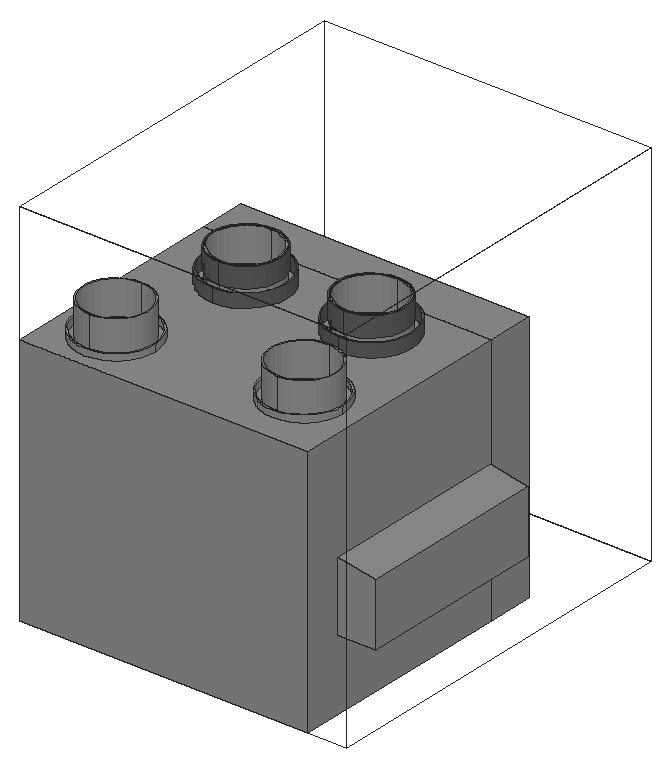
Revit family "Broan®_AI_Series™-Heat_Recovery_High_CFM_Ventilator_(HRV)-Top_Port", category Mechanical Equipment, Revit 2020
Family settings
  Round Connector Dimension = Use Diameter
  Classification = None
  Part Type = Normal
  Work Plane-Based = Yes
  Always vertical = No
  Cut with Voids When Loaded = No
  Shared = No
  Room Calculation Point = No
Parameters (values of type "Broan®_AI_Series™-210_CFM-Heat_Recovery_Ventilator_(HRV)-Top_Port-78%_eff")
  c Width MC = Width - c Width  # 2.93"
  c Vent Height = (Height - c Height)  # 2.56"
  c Top Clearance = 9.00"  # constant formula
  c Right Clrearance = 0.00"  # constant formula
  c Offset vent side = (Length - 1.00") / 4  # 5.00"
  c MC width = 14.50"  # constant formula
  c Left Clearance = 0.00"  # constant formula
  c Height = 19.13"  # constant formula
  c Gen Diameter = 6.00"  # constant formula
  c Front Clearance = 8.00"  # constant formula
  c Constraints = 2
  c Back Clearance = 0.00"  # constant formula
  Width = 24.81"  # constant formula
  Voltage = 120 V
  Version = ""
  URL = "https://www.broan-nutone.com/"
  Support Phone = "(224) 699-9545"  # constant formula
  Support Email = "mailto:support@anguleris.com"
  Supply Air Connection Diameter = c Gen Diameter  # 6"
  Return Air Connection Diameter = c Gen Diameter  # 6"
  Requirements and Standards = "UL 1812\r\nCSA C439\r\nROHS 2015/863\r\nProp 65"
  Product Page URL = "https://www.broan-nutone.com/en-us/product/freshairsystems/b230h75rt"
  Product Name = "Broan® AI Series™ 230 CFM Heat Recovery Ventilator (HRV)"
  Product Documentation Link = "https://www.broan-nutone.com/getmedia/08e8ab9d-1799-40af-b3c6-794ee44ca813/Spec_Sheet_B230H75RT_En.pdf?ext=.pdf"
  Power Factor = 0
  Phase = 1
  Operating Weight = 47.00 lbf  # constant formula
  Number of Poles = 1
  Noise = 163
  Model = "B230H75RT"
  Manufacturer Phone Number = "800-558-1711"  # constant formula
  Manufacturer Contact Information = "mailto:info@broan-nutone.com"
  Manufacturer Address = "926 W State St, Hartford, WI 53027"  # constant formula
  Manufacturer = "Broan"  # constant formula
  Length = 21.00"  # constant formula
  Height = 21.69"  # constant formula
  Frequency = 60 Hz
  Fan Wattage = 73.2 W
  Exhaust Air Connection Diameter = c Gen Diameter  # 6"
  Default Elevation = 0.00"
  Copyright = "Copyright © 2021 Broan-NuTone, LLC. All Rights Reserved"  # constant formula
  c Width = 21.88"  # constant formula
  Clearance [instance] = yes
  Air Volume = if(c Constraints = 1, 180 CFM, if(c Constraints = 2, 210 CFM, 180 CFM))  # 210 CFM
Types (2): name | c Constraints | Product Page URL | Product Name | Product Documentation Link | Noise | Model | Fan Wattage | Air Volume
  Broan®_AI_Series™-180_CFM-Heat_Recovery_Ventilator_(HRV)-Top_Port-78%_eff | 1 | "https://www.broan-nutone.com/en-us/product/freshairsystems/b180h75rt" | "Broan® AI Series™ 180 CFM Heat Recovery Ventilator (HRV)" | "https://www.broan-nutone.com/getmedia/9e317b10-9243-4ef3-9599-2807fe9edebd/Spec_Sheet_B180H75RT_En.pdf?ext=.pdf" | 110 | "B180H75RT" | 70 W | 180 CFM
  Broan®_AI_Series™-210_CFM-Heat_Recovery_Ventilator_(HRV)-Top_Port-78%_eff | 2 | "https://www.broan-nutone.com/en-us/product/freshairsystems/b230h75rt" | "Broan® AI Series™ 230 CFM Heat Recovery Ventilator (HRV)" | "https://www.broan-nutone.com/getmedia/08e8ab9d-1799-40af-b3c6-794ee44ca813/Spec_Sheet_B230H75RT_En.pdf?ext=.pdf" | 163 | "B230H75RT" | 73.2 W | 210 CFM
Reference planes (in)
  plane 1 "Center (Front/Back)": y = 0
  plane 2: z = 0
  plane 3 "Center (Left/Right)": x = 0
  plane 4: y = 11
  plane 5: x = 12.405
  plane 6: y = -10
  plane 7: x = -12.405
  plane 8: z = 21.69
  plane 9: y = 7.5
  plane 10: x = 9.475
  plane 11: y = 19
  plane 12: x = 12.405
  plane 13: y = -10
  plane 14: x = -12.405
  plane 15: y = 3.75
  plane 16: y = -5
  plane 17: z = 5.5
  plane 18: z = 28.13
  plane 19: z = 19.13
  plane 20: x = -8.2175
  plane 21: x = 5.165
  plane 22: x = 3.305
  plane 23: x = -6.23833
  plane 24: y = -6.125
Forms (in)
  Extrusion 1, solid, material "Metal - Broan NuTone - Gray"
    sketch origin (0, 0, 0) x (1, 0, 0) y (0, 1, 0)
      loop
        line (9.475, 7.5) -> (-12.405, 7.5) -> (-12.405, -10) -> (9.475, -10) -> (9.475, 7.5)
    from 0 to 19.13
  Extrusion 2, solid, material "Clearances - Broan NuTone", visible <- "Clearance"
    sketch origin (0, 0, 0) x (1, 0, 0) y (0, 1, 0)
      loop
        line (-12.405, 19) -> (-12.405, -10) -> (12.405, -10) -> (12.405, 19) -> (-12.405, 19)
    from 0 to 28.13
  Extrusion 3, solid, material "Metal - Broan NuTone - Gray"
    sketch origin (0, 0, 0) x (1, 0, 0) y (0, 1, 0)
      loop
        line (9.475, 11) -> (-12.405, 11) -> (-12.405, 7.5) -> (9.475, 7.5) -> (9.475, 11)
    from 0 to 19.13
Dimensions and locks (in)
  equal spacing: plane 7, plane 3 "Center (Left/Right)", plane 5
  "Height": plane 8 to level
  "Width": plane 7 to plane 5
  "Length": plane 6 to plane 4
  plane 4 to plane 9 = 3.50"
  "c Back Clearance": plane 13 to plane 6
  "c Left Clearance": plane 14 to plane 7
  "c Right Clrearance": plane 5 to plane 12
  "c Front Clearance": plane 11 to plane 4
  plane 3 "Center (Left/Right)" to plane 10 = 9.475"
  equal spacing: plane 9, plane 15, plane 1 "Center (Front/Back)"
  equal spacing: plane 1 "Center (Front/Back)", plane 16, plane 6
  plane 17 to level = 5.50"
  "c Top Clearance": plane 18 to plane 19
  "c Height": plane 19 to level
  "c Width": plane 7 to plane 10
  locked: plane 21 to plane 10 at 4.31
  locked: plane 22 to plane 10 at 6.17
  locked: plane 14 to plane 20 at 4.1875
  locked: plane 14 to plane 23 at 6.16667
  locked: plane 6 to plane 15 at 13.75
  locked: plane 24 to plane 13 at 3.875
  aligned and locked: plane 2 to level
  aligned and locked: plane 9 to Extrusion 1 sketch curve
  aligned and locked: plane 10 to Extrusion 1 sketch curve
  aligned and locked: plane 6 to Extrusion 1 sketch curve
  aligned and locked: nested 1 to plane 10
  aligned and locked: nested 1 to plane 17
  aligned and locked: plane 1 "Center (Front/Back)" to nested 1
  aligned and locked: Extrusion 2 sketch curve to plane 12
  aligned and locked: plane 13 to Extrusion 2 sketch curve
  aligned and locked: plane 14 to Extrusion 2 sketch curve
  aligned and locked: Extrusion 2 sketch curve to plane 11
  aligned and locked: plane 18 to Extrusion 2
  aligned and locked: plane 19 to Extrusion 1
  aligned and locked: Extrusion 1 to plane 7
  aligned and locked: plane 20 to nested 2
  aligned and locked: plane 21 to nested 3
  aligned and locked: nested 4 to plane 15
  aligned and locked: nested 5 to plane 15
  aligned and locked: plane 16 to nested 3
  aligned and locked: Extrusion 3 sketch curve to plane 7
  aligned and locked: plane 10 to Extrusion 3 sketch curve
  aligned and locked: Extrusion 3 sketch curve to plane 9
  aligned and locked: plane 4 to Extrusion 3 sketch curve
  aligned and locked: plane 19 to Extrusion 3
  aligned and locked: plane 22 to nested 5
  aligned and locked: plane 23 to nested 4
  aligned and locked: plane 24 to nested 2
Automatic sketch dimensions
  plane 7 to Extrusion 1 sketch curve = 0.00"
Nested families (in)
  nested 1: "MC" at (9.475, 7.25, 5.5) x (0, -1, 0) z (0, 0, 1), Width <- "c MC width", type "MC"
    with Width 14.50", Offset 0.5274", Height 5.274", Depth 2.93"
  nested 2: "Vent" at (-8.2175, -6.125, 19.13), type "Vent"
    with S Border yes, Border visibility no, Upper Border Height 1.536", Height 2.56", Border Height 1.024"
  nested 3: "Vent" at (5.165, -5, 19.13), type "Vent"
    with S Border yes, Border visibility no, Upper Border Height 1.536", Height 2.56", Border Height 1.024"
  nested 4: "Vent" at (-6.23833, 3.75, 19.13), type "Vent"
    with S Border no, Border visibility yes, Upper Border Height 1.536", Height 2.56", Border Height 1.024"
  nested 5: "Vent" at (3.305, 3.75, 19.13), type "Vent"
    with S Border no, Border visibility yes, Upper Border Height 1.536", Height 2.56", Border Height 1.024"
Connectors (in)
  electrical at (10.94, 7.25, 8.00515), driven by "Voltage", driven by "Power Factor"
    settings: on nested 1, index 5, voltage 120 V, apparent load 0 VA, apparent load phase1 0 VA, apparent load phase2 0 VA, apparent load phase3 0 VA, power factor 0, load classification "Power", number of poles 1, system type 31, power factor state 1, is connector primary yes, connector utility no, sub classification motor no, connector description ""
  hvac at (5.165, -5, 21.69), driven by "Air Volume"
    settings: on nested 3, index 6, duct flow 210 CFM, flow factor 0, pres drop 0.00 in-wg, loss coef 0, conn angle 0.00°, conn width 12", conn height 12", conn diameter 5", duct sys type 3, conn prof type 0, flow config 0, flow direction 0, loss method 0, conn ref index -1, conn util no, is conn primary yes, conn desc "Exhaust air from building"
  hvac at (3.305, 3.75, 21.69), driven by "Air Volume"
    settings: on nested 5, index 7, duct flow 210 CFM, flow factor 0, pres drop 0.00 in-wg, loss coef 0, conn angle 0.00°, conn width 12", conn height 12", conn diameter 5", duct sys type 2, conn prof type 0, flow config 0, flow direction 0, loss method 0, conn ref index -1, conn util no, is conn primary no, conn desc "Fresh air from outside"
  hvac at (-8.2175, -6.125, 21.69), driven by "Air Volume"
    settings: on nested 2, index 8, duct flow 210 CFM, flow factor 0, pres drop 0.00 in-wg, loss coef 0, conn angle 0.00°, conn width 12", conn height 12", conn diameter 5", duct sys type 1, conn prof type 0, flow config 0, flow direction 0, loss method 0, conn ref index -1, conn util no, is conn primary no, conn desc "Fresh air to building"
  hvac at (-6.23833, 3.75, 21.69), driven by "Air Volume"
    settings: on nested 4, index 9, duct flow 210 CFM, flow factor 0, pres drop 0.00 in-wg, loss coef 0, conn angle 0.00°, conn width 12", conn height 12", conn diameter 5", duct sys type 3, conn prof type 0, flow config 0, flow direction 0, loss method 0, conn ref index -1, conn util no, is conn primary no, conn desc "Exhaust air to outside"
Definition of nested family "MC"
  Parameters (values of type "MC")
    Width [instance] = 18.51858"
    Screen = none
    Offset [instance] = Height / 10  # 0.4527"
    Material = none
    Height = 1.8 * Depth  # 4.527"
    Depth = 2.515"
    Default Elevation = 0.00"
    Connector = none
  Reference planes (in)
    plane 1 "Center (Front/Back)": y = 0
    plane 2: z = 0
    plane 3 "Center (Left/Right)": x = 0
    plane 4: y = 2.515
    plane 5: x = 18.51858
    plane 6: z = 4.527
    plane 7: z = 4.0743
    plane 8: x = 9.25929
  Forms (in)
    Extrusion 1, solid, material <- "Material"
      sketch origin (0, 0, 0) x (0, 1, 0) y (0, 0, 1)
        loop
          line (0, 0) -> (2.515, 0) -> (2.515, 4.0743) -> (0, 4.527) -> (0, 0)
      from 0 to 18.51858
    Extrusion 2, solid, material <- "Screen", detail levels medium+fine
      sketch origin (0, 0, 0) x (0, 1, 0) y (0, 0, 1)
        loop
          line (0.6, 3.43791) -> (0.6, 1.93791) -> (1.915, 1.93791) -> (1.915, 3.43791) -> (0.6, 3.43791)
      from -0.01 to 0
    Extrusion 3, solid, material <- "Connector", detail levels medium+fine
      sketch origin (0, 0, -1) x (0, 1, 0) y (0, 0, 1)
        loop
          line (0.725, 2.08758) -> (0.725, 2.30151)
          arc (0.725, 2.30151) -> (0.6, 2.42651) -> (0.475, 2.30151) r 0.125
          line (0.475, 2.30151) -> (0.475, 2.08758)
          arc (0.475, 2.08758) -> (0.6, 1.96258) -> (0.725, 2.08758) r 0.125
        loop
          arc (1.79, 2.19695) -> (1.915, 2.07195) -> (2.04, 2.19695) r 0.125
          line (2.04, 2.19695) -> (2.04, 2.30151)
          arc (2.04, 2.30151) -> (1.915, 2.42651) -> (1.79, 2.30151) r 0.125
          line (1.79, 2.30151) -> (1.79, 2.19695)
      from -0.01 to 0
  Dimensions and locks (in)
    "Depth": plane 1 "Center (Front/Back)" to plane 4
    "Width": plane 3 "Center (Left/Right)" to plane 5
    "Height": plane 6 to level
    "Offset": plane 6 to plane 7
    equal spacing: plane 5, plane 8, plane 3 "Center (Left/Right)"
    Extrusion 2 sketch curve to plane 1 "Center (Front/Back)" = 0.60"
    plane 4 to Extrusion 2 sketch curve = 0.60"
    Extrusion 2 sketch curve to Extrusion 2 sketch curve to level = 1.50" locked, 1.93791" locked
    aligned and locked: plane 2 to level
    aligned and locked: Extrusion 1 sketch curve to plane 1 "Center (Front/Back)"
    aligned and locked: Extrusion 1 sketch curve to plane 4
    aligned and locked: level to Extrusion 1 sketch curve
    aligned and locked: plane 7 to Extrusion 1 sketch curve
    aligned and locked: plane 6 to Extrusion 1 sketch curve
    aligned and locked: plane 5 to Extrusion 1
    aligned and locked: Extrusion 1 to plane 3 "Center (Left/Right)"
    aligned and locked: plane 3 "Center (Left/Right)" to Extrusion 2
  Automatic sketch dimensions
    Extrusion 3 sketch curve to plane 1 "Center (Front/Back)" = 0.475"
    Extrusion 3 sketch curve to Extrusion 3 sketch curve = 0.125"  (x2)
    Extrusion 3 sketch curve to plane 4 = 0.725"
    level to Extrusion 3 sketch curve = 1.08758"
    level to Extrusion 3 sketch curve = 1.19695"
    Extrusion 3 sketch curve to Extrusion 3 sketch curve = 0.10456"
    Extrusion 3 sketch curve to Extrusion 3 sketch curve = 0.21393"
Definition of nested family "Vent"
  Parameters (values of type "Vent")
    Width = 0.10"
    Vent Material = none
    Upper border width = 0.10"
    Upper Border Height = 1.5 * Border Height  # 1.509"
    S Border [instance] = no
    Radius = Diameter / 2  # 2.50"
    Height = 2.515"
    Diameter = 5.00"
    Default Elevation = 48.00"
    Border visibility [instance] = not(S Border)  # yes
    Border Width = Width  # 0.10"
    Border Material = none
    Border Height = Height / 2.5  # 1.006"
    Border = Diameter / 8  # 0.625"
  Reference planes (in)
    plane 1 "Center (Front/Back)": y = 0
    plane 2: z = 0
    plane 3 "Center (Left/Right)": x = 0
    plane 4: y = 3.125
    plane 5: y = 2.5
    plane 6: z = 2.515
    plane 7: z = 1.006
    plane 8: y = 2.4
    plane 9: z = 1.006
    plane 10: x = -2.5
    plane 11: x = 2.5
  Forms (in)
    Revolve 1, solid, material <- "Vent Material", detail levels coarse
      sketch origin (0, 0, 0) x (0, 1, 0) y (0, 0, 1)
        loop
          line (0, 2.515) -> (0, 0) -> (2.5, 0) -> (2.5, 2.515) -> (0, 2.515)
        axis (0, 2.515) -> (0, 0)
      angle from 0 to 360
    Revolve 2, solid, material <- "Vent Material", detail levels medium+fine
      sketch origin (0, 0, 0) x (0, 1, 0) y (0, 0, 1)
        loop
          line (2.4, 2.515) -> (2.4, 0) -> (2.5, 0) -> (2.5, 2.515) -> (2.4, 2.515)
        axis (0, 2.515) -> (0, 0)
      angle from 0 to 360
    Revolve 3, solid, material <- "Border Material", visible <- "Border visibility", detail levels medium+fine
      sketch origin (0, 0, 0) x (0, 1, 0) y (0, 0, 1)
        loop
          line (3.125, 1.006) -> (3.025, 1.006) -> (3.025, 0) -> (3.125, 0) -> (3.125, 1.006)
        axis (0, 1.006) -> (0, 0)
      angle from 0 to 360
    Revolve 4, solid, material <- "Border Material", visible <- "Border visibility", detail levels medium+fine
      sketch origin (0, 0, 0) x (0, 1, 0) y (0, 0, 1)
        loop
          line (2.5, 2.515) -> (2.5, 1.006) -> (2.6, 1.006) -> (2.6, 2.515) -> (2.5, 2.515)
        axis (0, 2.515) -> (0, 1.006)
      angle from 0 to 360
    Revolve 5, solid, material <- "Vent Material", visible <- "S Border", detail levels medium+fine
      sketch origin (0, 0, 0) x (1, 0, 0) y (0, 0, 1)
        loop
          line (-2.9, 0) -> (-2.9, 0.5) -> (-3.00488, 0.5) -> (-3.00488, 0) -> (-2.9, 0)
        axis (0, 0.5) -> (0, 0)
      angle from 0 to 360
  Dimensions and locks (in)
    "Radius": plane 5 to plane 1 "Center (Front/Back)"
    "Border": plane 4 to plane 5
    "Border Height": plane 7 to level
    "Height": plane 6 to level
    "Width": plane 5 to plane 8
    "Border Width": plane 4 to Revolve 3 sketch curve
    "Upper border width": Revolve 4 sketch curve to Revolve 4 sketch curve
    "Upper Border Height": plane 6 to plane 9
    equal spacing: plane 11, plane 3 "Center (Left/Right)", plane 10
    "Diameter": plane 11 to plane 10
    plane 10 to Revolve 5 sketch curve to Revolve 5 sketch curve = 0.40", 0.10488" locked
    locked: Revolve 5 sketch curve to level at 0.5
    aligned and locked: plane 2 to level
    aligned and locked: Revolve 1 sketch curve to Revolve 1 sketch curve
    aligned and locked: plane 6 to Revolve 1 sketch curve
    aligned and locked: Revolve 1 sketch curve to plane 5
    aligned and locked: Revolve 2 sketch curve to plane 6
    aligned and locked: level to Revolve 2 sketch curve
    aligned and locked: Revolve 2 sketch curve to plane 8
    aligned and locked: plane 5 to Revolve 2 sketch curve
    aligned and locked: Revolve 3 sketch curve to plane 4
    aligned and locked: plane 7 to Revolve 3 sketch curve
    aligned and locked: Revolve 3 sketch curve to level
    aligned and locked: Revolve 4 sketch curve to plane 5
    aligned and locked: Revolve 4 sketch curve to plane 9
  Automatic sketch dimensions
    Revolve 1 sketch curve to plane 1 "Center (Front/Back)" = 0.00"
    Revolve 1 sketch curve to level = 0.00"
    Revolve 1 sketch curve to level = 24.00"
    plane 6 to Revolve 1 sketch curve = 79.96332"
    Revolve 5 sketch curve to level = 0.00"
    Revolve 5 sketch curve to plane 3 "Center (Left/Right)" = 0.00"
    Revolve 5 sketch curve to level = 24.00"
    plane 6 to Revolve 5 sketch curve = 100.20382"
    Revolve 3 sketch curve to plane 1 "Center (Front/Back)" = 0.00"
    Revolve 3 sketch curve to level = 24.00"
    plane 6 to Revolve 3 sketch curve = 79.96332"
    Revolve 4 sketch curve to plane 1 "Center (Front/Back)" = 0.00"
    Revolve 4 sketch curve to plane 6 = 0.00"
    Revolve 4 sketch curve to level = 24.00"
    plane 6 to Revolve 4 sketch curve = 79.96332"
